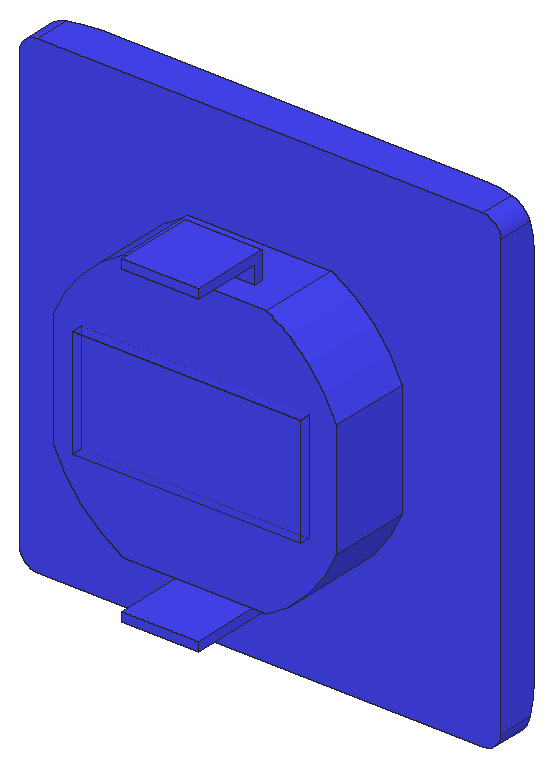
Revit family "IEK_РозеткаТелевизионная_Встраиваемая_Одноместная_ВЕГА", category Устройства связи, Revit 2019
Family settings
  Сохранять ориентацию аннотаций = Да
  Размер круглого соединителя = Использовать диаметр
  Тип детали = Нормальный
  На основе рабочей плоскости = Нет
  Всегда вертикально = Да
  При загрузке вырезать с полостями = Нет
  Общий = Нет
  Точка расчета площади = Нет
Parameters (values of type "РТВ10-ВБ")
  Ширина = 81.5 mm  # constant formula
  Тип монтажа = "Встраиваемый"  # constant formula
  Тип соединителя или разъема = "TV-SAT"  # constant formula
  Изготовитель = "IEK"  # constant formula
  Дата изменения = ""
  Глубина = 33.1 mm  # constant formula
  Высота = 81 mm  # constant formula
  ΔХ [instance] = 2000 mm
  ΔY [instance] = 2000 mm
  KSI_CPr_Строительные изделия = ""
  KSI_CMa_Строительные материалы = "01.7.14.03"  # constant formula
  IEK_Цена за единицу = 117.68
  IEK_Поиск в таблице имен = ""
  IEK_Описание = "Электроустановочные изделия серии \"ВЕГА\" IEK включают в себя розетки и выключатели для скрытого монтажа, которые хорошо впишутся в любой интерьер квартир, загородных домов, офисных и производственных помещений."
  IEK_URL = "https://www.iek.ru/products/catalog/izdeliya_elektroustanovochnye_udliniteli_i_silovye_razemy/elektroustanovochnye_izdeliya/elektroustanovochnye_izdeliya_skrytogo_montazha/elektroustanovochnye_izdeliya_vega/rozetka_1_mestnaya_televizionnaya_rtv10_vb_vega_belyy_iek"
  ADSK_Примечание = ""
  ADSK_Позиция [instance] = ""
  ADSK_Наименование = "Розетка 1-местная телевизионная РТВ10-ВБ ВЕГА белый IEK"
  ADSK_Материал обозначение = ""
  ADSK_Материал наименование = "АБС-пластик"  # constant formula
  ADSK_Материал = Цвет белый
  ADSK_Масса = 0.054
  ADSK_Марка = "ВЕГА"  # constant formula
  ADSK_Код изделия = "EAV10-K01-DM"
  ADSK_Завод-изготовитель = "IEK"  # constant formula
  ADSK_Единица измерения = "шт"  # constant formula
  ADSK_Группирование = ""
  ADSK_Версия семейства = "1.00"  # constant formula
  ADSK_Версия Revit = "2019"  # constant formula
  ADSK_URL страницы изделия = "https://www.iek.ru/products/catalog/izdeliya_elektroustanovochnye_udliniteli_i_silovye_razemy/elektroustanovochnye_izdeliya/elektroustanovochnye_izdeliya_skrytogo_montazha/elektroustanovochnye_izdeliya_vega/?pagec=100"
Reference planes
  plane 1 "По центру (Вперед/Назад)": y = 0
  plane 2: z = 0
  plane 3 "По центру (Влево/Вправо)": x = 0
  plane 4 "Высота ножек": z = 280
  plane 5 "Высота": z = 2081.496
  plane 6: x = -2000
  plane 7: y = 2000
Forms (mm)
  Extrusion 1, solid, material "Цвет белый" <- "ADSK_Материал", detail levels fine
    sketch origin (0, 0, 40.187) x (-1, 0, 0) y (0, 0, 1)
      loop
        arc (-12.124, 23) -> (-19.255, 17.479) -> (-24, 9.811) r 25.342
        line (-24, 9.811) -> (-24, -9.811)
        arc (-24, -9.811) -> (-19.255, -17.479) -> (-12.124, -23) r 25.342
        line (-12.124, -23) -> (12.124, -23)
        arc (12.124, -23) -> (19.255, -17.479) -> (24, -9.811) r 25.342
        line (24, -9.811) -> (24, 9.811)
        arc (24, 9.811) -> (19.255, 17.479) -> (12.124, 23) r 25.342
        line (12.124, 23) -> (-12.124, 23)
    from 0 to -13.704
  Extrusion 2, solid, material "Цвет белый" <- "ADSK_Материал", detail levels fine
    sketch origin (0, 0, 40.187) x (-1, 0, 0) y (0, 0, 1)
      loop
        arc (-37.75, 40.813) -> (-39.871, 39.934) -> (-40.75, 37.813) r 3
        line (-40.75, 37.813) -> (-40.75, -37.25)
        arc (-40.75, -37.25) -> (-39.871, -39.371) -> (-37.75, -40.25) r 3
        line (-37.75, -40.25) -> (37.75, -40.25)
        arc (37.75, -40.25) -> (39.871, -39.371) -> (40.75, -37.25) r 3
        line (40.75, -37.25) -> (40.75, 37.813)
        arc (40.75, 37.813) -> (39.871, 39.934) -> (37.75, 40.813) r 3
        line (37.75, 40.813) -> (-37.75, 40.813)
    from 0 to 10
  Revolve 3, solid, material "Цвет белый" <- "ADSK_Материал", detail levels fine
    sketch origin (0, 0, 40.187) x (0, 0, 1) y (0, 1, 0)
      loop
        line (19.023, 5) -> (21.005, 5) -> (21.005, 10.909)
        arc (21.005, 10.909) -> (20.014, 11.9) -> (19.023, 10.909) r 0.991
        line (19.023, 10.909) -> (19.023, 5)
      axis (0, 10.909) -> (0, 5)
    angle from 0 to 360
  Extrusion 4, void
    sketch origin (0, 0, 40.187) x (-1, 0, 0) y (0, 0, 1)
      loop
        circle (0, 0) r 19.023
    from 5 to 11.9
  Extrusion 5, void
    sketch origin (0, 0, 40.187) x (-1, 0, 0) y (0, 0, 1)
      loop
        circle (0, 0) r 4.469
      loop
        circle (0, 0) r 2.5
    from 5 to -5
  Extrusion 6, void
    sketch origin (0, 0, 40.187) x (-1, 0, 0) y (0, 0, 1)
      loop
        circle (0, 0) r 1.3
    from -5 to 5
  Extrusion 7, void
    sketch origin (0, 0, 40.187) x (-1, 0, 0) y (0, 0, 1)
      loop
        circle (0, 0) r 5
    from -6 to 5
  Extrusion 8, solid, material "Латунь", detail levels fine
    sketch origin (0, 0, 40.187) x (-1, 0, 0) y (0, 0, 1)
      loop
        circle (0, 0) r 5
    from -6 to 5
  Extrusion 9, solid, material "Цвет белый" <- "ADSK_Материал", detail levels fine
    sketch origin (-40.3, 9.274, 40.3) x (0, 0, -1) y (0, 1, 0)
      loop
        line (23.113, -17) -> (23.113, -18.5) -> (26, -18.5) -> (26, -30.474) -> (27.5, -30.474) -> (27.5, -17) -> (23.113, -17)
      loop
        line (-22.887, -17) -> (-27.5, -17) -> (-27.5, -30.474) -> (-26, -30.474) -> (-26, -18.5) -> (-22.887, -18.5) -> (-22.887, -17)
    from 33.8 to 46.8
  Extrusion 10, solid, material "Условный материал-отделка", detail levels coarse
    sketch origin (0, 0, 0) x (1, 0, 0) y (0, 1, 0)
      loop
        line (-40.75, 11.9) -> (-40.75, -21.2) -> (40.75, -21.2) -> (40.75, 11.9) -> (-40.75, 11.9)
    from 0 to 81
  Extrusion 11, solid, material "Условный материал-отделка", detail levels medium
    sketch origin (0, 0, 0) x (1, 0, 0) y (0, 1, 0)
      loop
        line (-40.75, 11.9) -> (-40.75, -21.2) -> (40.75, -21.2) -> (40.75, 11.9) -> (-40.75, 11.9)
    from 0 to 81
  Sweep 12, void
    path origin (0, 0, 0) x (1, 0, 0) y (0, 0, 1)
      loop
        line (32.71, 76) -> (-32.71, 76)
        arc (-32.71, 76) -> (-34.86, 75.11) -> (-35.75, 72.96) r 3.04
        line (-35.75, 72.96) -> (-35.75, 7.977)
        arc (-35.75, 7.977) -> (-34.86, 5.828) -> (-32.71, 4.937) r 3.04
        line (-32.71, 4.937) -> (32.71, 4.937)
        arc (32.71, 4.937) -> (34.86, 5.828) -> (35.75, 7.977) r 3.04
        line (35.75, 7.977) -> (35.75, 72.96)
        arc (35.75, 72.96) -> (34.86, 75.11) -> (32.71, 76) r 3.04
    profile origin (34.86, 0, 75.11) x (0.707107, 0, 0.707107) y (0, -1, 0)
      loop
        line (8.33, -5) -> (0, -10) -> (8.33, -10) -> (8.33, -5)
  Extrusion 13, solid, material "Латунь", detail levels fine
    sketch origin (0, 0, 0) x (1, 0, 0) y (0, 0, 1)
      loop
        line (-19.279, 49.862) -> (-19.279, 31.162) -> (19.279, 31.162) -> (19.279, 49.862) -> (-19.279, 49.862)
    from 13.704 to 15.594
Cuts and joins
  Extrusion 4, Extrusion 7, Sweep 12 cuts Extrusion 2
  Extrusion 7 cuts Extrusion 1
  Extrusion 4, Extrusion 5 cuts Revolve 3
  Extrusion 5, Extrusion 6 cuts Extrusion 8
Lines and regions (mm)
  reference lines
    curve 1: line (0, 32.62, 0) -> (0, -67.38, 0)
    curve 2: line (-40.265, 0, 0) -> (99.735, 0, 0)
Dimensions and locks
  locked: plane 4 "Высота ножек" to plane 2 at 280
  plane 5 "Высота" to plane 4 "Высота ножек" = 1801.496 mm
  "ΔХ": plane 6 to curve 1
  "ΔY": plane 7 to curve 2
  aligned and locked: level to plane 2
  aligned and locked: nested 1 to curve 1
  aligned and locked: curve 2 to nested 1
  aligned and locked: Extrusion 10 to Extrusion 11  (x2)
  aligned and locked: Extrusion 13 to cut or joined group of Extrusion 1, Extrusion 7
Automatic sketch dimensions
  plane 3 "По центру (Влево/Вправо)" to Extrusion 1 sketch curve = 24 mm
  plane 3 "По центру (Влево/Вправо)" to Extrusion 1 sketch curve = 12.124 mm  (x2)
  plane 3 "По центру (Влево/Вправо)" to Extrusion 1 sketch curve = 0.422 mm  (x2)
  Extrusion 1 sketch curve to plane 3 "По центру (Влево/Вправо)" = 0.422 mm  (x2)
  Extrusion 1 sketch curve to plane 3 "По центру (Влево/Вправо)" = 12.124 mm  (x2)
  Extrusion 1 sketch curve to Extrusion 1 sketch curve = 11.876 mm
  level to Extrusion 1 sketch curve = 17.187 mm
  Extrusion 1 sketch curve to Extrusion 1 sketch curve = 13.189 mm  (x2)
  Extrusion 1 sketch curve to Extrusion 1 sketch curve = 1.043 mm
  Extrusion 1 sketch curve to Extrusion 1 sketch curve = 0 mm
  Extrusion 1 sketch curve to Extrusion 1 sketch curve = 19.622 mm
  Revolve 3 sketch curve to plane 1 "По центру (Вперед/Назад)" = 10.909 mm
  level to Revolve 3 sketch curve = 59.211 mm
  Revolve 3 sketch curve to Revolve 3 sketch curve = 0.991 mm
  Revolve 3 sketch curve to Revolve 3 sketch curve = 5.909 mm
  level to Revolve 3 sketch curve = 40.187 mm
  plane 1 "По центру (Вперед/Назад)" to Revolve 3 sketch curve = 609.6 mm
  plane 7 to Revolve 3 sketch curve = 343.807 mm
  Extrusion 4 sketch curve to plane 3 "По центру (Влево/Вправо)" = 0 mm
  level to Extrusion 4 sketch curve = 40.187 mm
  Extrusion 5 sketch curve to Extrusion 5 sketch curve = 0 mm  (x2)
  Extrusion 5 sketch curve to plane 3 "По центру (Влево/Вправо)" = 0 mm
  level to Extrusion 5 sketch curve = 40.187 mm
  Extrusion 6 sketch curve to plane 3 "По центру (Влево/Вправо)" = 0 mm
  level to Extrusion 6 sketch curve = 40.187 mm
  Extrusion 7 sketch curve to plane 3 "По центру (Влево/Вправо)" = 0 mm
  level to Extrusion 7 sketch curve = 40.187 mm
  Extrusion 8 sketch curve to plane 3 "По центру (Влево/Вправо)" = 0 mm
  level to Extrusion 8 sketch curve = 40.187 mm
  Extrusion 10 sketch curve to plane 3 "По центру (Влево/Вправо)" = 40.75 mm
  plane 3 "По центру (Влево/Вправо)" to Extrusion 10 sketch curve = 40.75 mm
  plane 1 "По центру (Вперед/Назад)" to Extrusion 10 sketch curve = 21.2 mm
  Extrusion 10 sketch curve to plane 1 "По центру (Вперед/Назад)" = 11.9 mm
  Extrusion 11 sketch curve to plane 3 "По центру (Влево/Вправо)" = 40.75 mm
  plane 3 "По центру (Влево/Вправо)" to Extrusion 11 sketch curve = 40.75 mm
  plane 1 "По центру (Вперед/Назад)" to Extrusion 11 sketch curve = 21.2 mm
  Extrusion 11 sketch curve to plane 1 "По центру (Вперед/Назад)" = 11.9 mm
  plane 1 "По центру (Вперед/Назад)" to Extrusion 9 sketch curve = 7.726 mm  (x2)
  level to Extrusion 9 sketch curve = 67.8 mm
  Extrusion 9 sketch curve to Extrusion 9 sketch curve = 1.5 mm  (x4)
  Extrusion 9 sketch curve to Extrusion 9 sketch curve = 3.113 mm
  level to Extrusion 9 sketch curve = 17.187 mm
  Extrusion 9 sketch curve to Extrusion 9 sketch curve = 2.887 mm
  Extrusion 9 sketch curve to Extrusion 9 sketch curve = 11.974 mm  (x2)
  level to Extrusion 2 sketch curve = 2.937 mm
  plane 3 "По центру (Влево/Вправо)" to Extrusion 2 sketch curve = 40.75 mm
  Extrusion 2 sketch curve to level = 0.063 mm
  Extrusion 2 sketch curve to Extrusion 2 sketch curve = 3 mm  (x2)
  Extrusion 2 sketch curve to plane 3 "По центру (Влево/Вправо)" = 37.75 mm  (x2)
  Extrusion 2 sketch curve to Extrusion 2 sketch curve = 75.063 mm
  Sweep 12 sketch curve to plane 3 "По центру (Влево/Вправо)" = 35.75 mm
  Sweep 12 sketch curve to Sweep 12 sketch curve = 3.04 mm  (x3)
  level to Sweep 12 sketch curve = 7.977 mm
  plane 3 "По центру (Влево/Вправо)" to Sweep 12 sketch curve = 32.71 mm  (x2)
  Sweep 12 sketch curve to Sweep 12 sketch curve = 64.984 mm
  Sweep 12 sketch curve to profile plane = 0 mm
  Sweep 12 sketch curve to Sweep 12 sketch curve = 8.33 mm
  Sweep 12 sketch curve to plane 1 "По центру (Вперед/Назад)" = 10 mm
  Sweep 12 sketch curve to plane 1 "По центру (Вперед/Назад)" = 5 mm
  Extrusion 13 sketch curve to plane 3 "По центру (Влево/Вправо)" = 19.279 mm
  plane 3 "По центру (Влево/Вправо)" to Extrusion 13 sketch curve = 19.279 mm
  level to Extrusion 13 sketch curve = 31.162 mm
  Extrusion 13 sketch curve to Extrusion 13 sketch curve = 18.7 mm
  curve 2 to plane 3 "По центру (Влево/Вправо)" = 40.265 mm
  plane 3 "По центру (Влево/Вправо)" to curve 2 = 99.735 mm
  plane 1 "По центру (Вперед/Назад)" to curve 1 = 67.38 mm
  curve 1 to plane 1 "По центру (Вперед/Назад)" = 32.62 mm
  radius of Extrusion 4 sketch curve = 19.023 mm
  radius of Extrusion 5 sketch curve = 4.469 mm
  radius of Extrusion 5 sketch curve = 2.5 mm
  radius of Extrusion 6 sketch curve = 1.3 mm
  radius of Extrusion 7 sketch curve = 5 mm
  radius of Extrusion 8 sketch curve = 5 mm
Nested families
  nested 1: "УГО Розетки связистской" at (0, 0, 0), type "Розетка телевизионная", detail levels coarse+medium
Connectors
  electrical at (0, 0, 40.469)
    settings: on cut or joined group of Extrusion 2, Extrusion 4, Extrusion 7, Sweep 12, index 1, voltage 0 V, apparent load 0 VA, apparent load phase1 0 VA, apparent load phase2 0 VA, apparent load phase3 0 VA, power factor 1, load classification "Прочее", number of poles 1, system type 9, power factor state 1, is connector primary yes, connector utility no, sub classification motor no, connector description ""
Definition of nested family "УГО Розетки связистской"
  Parameters (values of type "Розетка телефонная")
    Розетка телефонная = yes
    Розетка сетевая (Интернет) = no
    Розетка сетевая и телефонная = no
    Розетка телевизионная = no
  Types (4, lengths in mm): name | Розетка телефонная | Розетка сетевая (Интернет) | Розетка сетевая и телефонная | Розетка телевизионная
    Розетка телевизионная | no | no | no | yes
    Розетка сетевая (Интернет) | no | yes | no | no
    Розетка сетевая и телефонная | no | no | yes | no
    Розетка телефонная | yes | no | no | no
  Reference planes
    plane 1: y = 0
    plane 2: x = 0
  Lines and regions (mm)
    Filled region 1, type "Цветовая область 1", visible <- "Розетка телефонная"
      outline origin (0, 0, 0) x (1, 0, 0) y (0, 1, 0)
        loop
          line (-0.512, 1.977) -> (-0.512, 3.023) -> (-1.53, 3.023) -> (-1.53, 1.977) -> (-0.512, 1.977)
        loop
          line (0.512, 1.977) -> (1.53, 1.977) -> (1.53, 3.023) -> (0.512, 3.023) -> (0.512, 1.977)
    Filled region 2, type "Цветовая область 1", visible <- "Розетка телефонная", not visible
      outline origin (0, 0, 0) x (1, 0, 0) y (0, 1, 0)
        loop
          line (8.078, 7.617) -> (8.078, 8.664) -> (7.06, 8.664) -> (7.06, 7.617) -> (8.078, 7.617)
        loop
          line (9.101, 7.617) -> (10.119, 7.617) -> (10.119, 8.664) -> (9.101, 8.664) -> (9.101, 7.617)
    Filled region 3, type "Цветовая область 1", visible <- "Розетка сетевая и телефонная"
      outline origin (0, 0, 0) x (1, 0, 0) y (0, 1, 0)
        loop
          line (0.994, 4) -> (0.994, 3) -> (1.994, 3) -> (1.994, 4) -> (0.994, 4)
        loop
          line (3.019, 3) -> (4.019, 3) -> (4.019, 4) -> (3.019, 4) -> (3.019, 3)
    Filled region 4, type "Цветовая область 1", visible <- "Розетка сетевая и телефонная", not visible
      outline origin (0, 0, 0) x (1, 0, 0) y (0, 1, 0)
        loop
          line (28.769, 14.987) -> (28.769, 13.987) -> (29.769, 13.987) -> (29.769, 14.987) -> (28.769, 14.987)
        loop
          line (30.794, 13.987) -> (31.794, 13.987) -> (31.794, 14.987) -> (30.794, 14.987) -> (30.794, 13.987)
    detail lines
      curve 1: line (0.006, 0, 0) -> (0.006, 2.454, 0)
      curve 2: line (0.006, 0, 0) -> (2.217, 0, 0)
    detail lines, visible <- "Розетка сетевая (Интернет)", not visible
      curve 3: line (2.5, 1.221, 0) -> (-2.5, 1.221, 0)
      curve 4: line (2.5, 6.221, 0) -> (-2.5, 6.221, 0)
      curve 5: line (0, 6.221, 0) -> (-2.5, 1.221, 0)
      curve 6: line (0, 6.221, 0) -> (2.5, 1.221, 0)
    detail lines, visible <- "Розетка телевизионная", not visible
      curve 7: line (19.458, 13.285, 0) -> (24.458, 13.285, 0)
      curve 8: line (19.458, 8.285, 0) -> (24.458, 8.285, 0)
      curve 9: line (21.958, 13.285, 0) -> (19.458, 8.285, 0)
      curve 10: line (21.958, 13.285, 0) -> (24.458, 8.285, 0)
    detail lines, visible <- "Розетка сетевая (Интернет)"
      curve 11: line (2.506, 0, 0) -> (-2.494, 0, 0)
      curve 12: line (2.506, 5, 0) -> (-2.494, 5, 0)
      curve 13: line (0.006, 5, 0) -> (-2.494, 0, 0)
      curve 14: line (0.006, 5, 0) -> (2.506, 0, 0)
    detail lines, visible <- "Розетка телевизионная"
      curve 15: line (-2.494, 5, 0) -> (2.506, 5, 0)
      curve 16: line (-2.494, 0, 0) -> (2.506, 0, 0)
      curve 17: line (0.006, 5, 0) -> (-2.494, 0, 0)
      curve 18: line (0.006, 5, 0) -> (2.506, 0, 0)
    detail lines, visible <- "Розетка телефонная"
      curve 19: circle (0.006, 2.5, 0) r 2.5 normal (0, 0, 1)
      curve 21: line (-1.53, 3.023, 0) -> (-1.53, 1.977, 0)
      curve 22: line (-1.53, 1.977, 0) -> (-0.512, 1.977, 0)
      curve 23: line (-0.512, 1.977, 0) -> (-0.512, 3.023, 0)
      curve 24: line (-0.512, 3.023, 0) -> (-1.53, 3.023, 0)
      curve 25: line (1.53, 3.023, 0) -> (1.53, 1.977, 0)
      curve 26: line (1.53, 1.977, 0) -> (0.512, 1.977, 0)
      curve 27: line (0.512, 1.977, 0) -> (0.512, 3.023, 0)
      curve 28: line (0.512, 3.023, 0) -> (1.53, 3.023, 0)
    detail lines, visible <- "Розетка телефонная", not visible
      curve 20: circle (8.596, 8.14, 0) r 2.5 normal (0, 0, 1)
      curve 29: line (7.06, 8.664, 0) -> (7.06, 7.617, 0)
      curve 30: line (7.06, 7.617, 0) -> (8.078, 7.617, 0)
      curve 31: line (8.078, 7.617, 0) -> (8.078, 8.664, 0)
      curve 32: line (8.078, 8.664, 0) -> (7.06, 8.664, 0)
      curve 33: line (10.119, 8.664, 0) -> (10.119, 7.617, 0)
      curve 34: line (10.119, 7.617, 0) -> (9.101, 7.617, 0)
      curve 35: line (9.101, 7.617, 0) -> (9.101, 8.664, 0)
      curve 36: line (9.101, 8.664, 0) -> (10.119, 8.664, 0)
    detail lines, visible <- "Розетка сетевая и телефонная"
      curve 37: line (-5.994, 7, 0) -> (6.006, 7, 0)
      curve 38: line (-5.994, 0, 0) -> (-5.994, 7, 0)
      curve 39: line (6.006, 0, 0) -> (-5.994, 0, 0)
      curve 40: line (6.006, 7, 0) -> (6.006, 0, 0)
      curve 41: line (-4.994, 1, 0) -> (0.006, 1, 0)
      curve 42: line (-2.474, 6, 0) -> (-4.994, 1, 0)
      curve 43: line (-2.474, 6, 0) -> (0.006, 1, 0)
      curve 44: circle (2.506, 3.5, 0) r 2.5 normal (0, 0, 1)
      curve 45: line (-4.994, 6, 0) -> (0.006, 6, 0)
      curve 46: line (0.994, 4, 0) -> (0.994, 3, 0)
      curve 47: line (0.994, 3, 0) -> (1.994, 3, 0)
      curve 48: line (1.994, 3, 0) -> (1.994, 4, 0)
      curve 49: line (1.994, 4, 0) -> (0.994, 4, 0)
      curve 50: line (4.019, 4, 0) -> (4.019, 3, 0)
      curve 51: line (4.019, 3, 0) -> (3.019, 3, 0)
      curve 52: line (3.019, 3, 0) -> (3.019, 4, 0)
      curve 53: line (3.019, 4, 0) -> (4.019, 4, 0)
    detail lines, visible <- "Розетка сетевая и телефонная", not visible
      curve 54: line (21.782, 17.987, 0) -> (33.782, 17.987, 0)
      curve 55: line (21.782, 10.987, 0) -> (21.782, 17.987, 0)
      curve 56: line (33.782, 10.987, 0) -> (21.782, 10.987, 0)
      curve 57: line (33.782, 17.987, 0) -> (33.782, 10.987, 0)
      curve 58: line (22.782, 11.987, 0) -> (27.782, 11.987, 0)
      curve 59: line (25.301, 16.987, 0) -> (22.782, 11.987, 0)
      curve 60: line (25.301, 16.987, 0) -> (27.782, 11.987, 0)
      curve 61: circle (30.282, 14.487, 0) r 2.5 normal (0, 0, 1)
      curve 62: line (22.782, 16.987, 0) -> (27.782, 16.987, 0)
      curve 63: line (28.769, 14.987, 0) -> (28.769, 13.987, 0)
      curve 64: line (28.769, 13.987, 0) -> (29.769, 13.987, 0)
      curve 65: line (29.769, 13.987, 0) -> (29.769, 14.987, 0)
      curve 66: line (29.769, 14.987, 0) -> (28.769, 14.987, 0)
      curve 67: line (31.794, 14.987, 0) -> (31.794, 13.987, 0)
      curve 68: line (31.794, 13.987, 0) -> (30.794, 13.987, 0)
      curve 69: line (30.794, 13.987, 0) -> (30.794, 14.987, 0)
      curve 70: line (30.794, 14.987, 0) -> (31.794, 14.987, 0)
  Text (mm)
    text "TV" at (20.688, 11.147, 0), visible <- "Розетка телевизионная", not visible
    text "TV" at (-1.264, 2.862, 0), visible <- "Розетка телевизионная"
